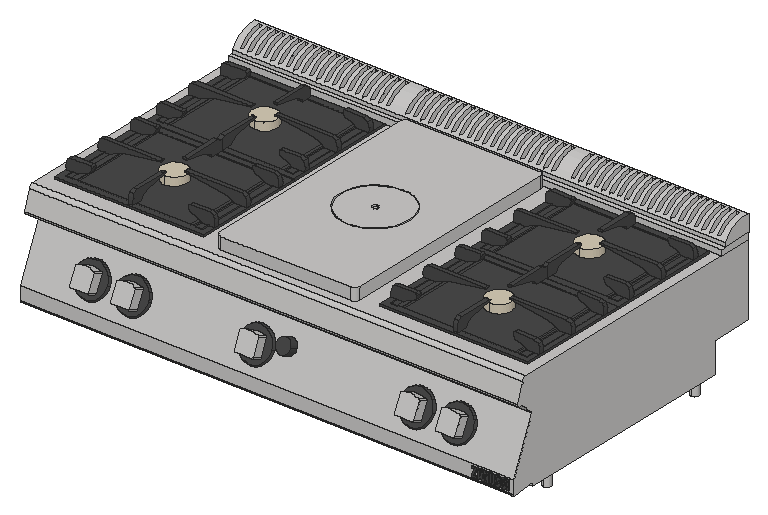
Revit family "QF_ZANUSSI_372012_Z7STGL5000", category Specialty Equipment, Revit 2018 (continued)
Definition of nested family "ZAN_Logo_S"
  Forms (mm)
    Extrusion 2, solid
      sketch origin (17.793, -46.218, 0) x (-1, 0, 0) y (0, -1, 0)
        loop
          line (14.213, -39.971) -> (14.213, -58.22) -> (19.126, -58.22) -> (19.126, -42.077) -> (18.845, -38.146) -> (18.424, -37.164) -> (17.442, -35.9) -> (16.459, -35.199) -> (14.494, -34.356) -> (13.511, -34.216) -> (11.265, -34.216) -> (10.142, -34.497) -> (8.458, -35.479) -> (6.493, -38.287) -> (6.352, -39.269) -> (6.352, -58.22) -> (11.265, -58.22) -> (11.265, -40.392) -> (11.827, -39.129) -> (13.371, -38.988) -> (14.213, -39.971)
        loop
          line (20.249, -58.22) -> (24.741, -58.22) -> (24.741, -42.919) -> (28.812, -58.22) -> (34.006, -58.22) -> (34.006, -34.216) -> (29.654, -34.216) -> (29.654, -50.078) -> (25.583, -34.216) -> (20.249, -34.216) -> (20.249, -58.22)
        loop
          line (50.149, -58.22) -> (62.361, -58.22) -> (62.361, -53.728) -> (55.904, -53.868) -> (62.923, -39.129) -> (62.923, -34.216) -> (50.149, -34.216) -> (50.149, -39.129) -> (57.517, -39.129) -> (50.149, -54.149) -> (50.149, -58.22)
        loop
          line (38.778, -58.22) -> (45.516, -58.22) -> (49.868, -34.216) -> (44.814, -34.216) -> (44.113, -38.848) -> (40.042, -38.848) -> (39.34, -34.216) -> (34.286, -34.216) -> (38.778, -58.22)
        loop
          line (43.551, -43.2) -> (40.744, -43.2) -> (42.147, -54.117) -> (43.551, -43.2)
      from 0 to 1.644
  Dimensions and locks
    aligned and locked: plane 2 to Extrusion 1
    aligned and locked: level to Extrusion 1
Types (2, lengths in mm): name | URL Manufacturer | URL | Model | Manufacturer | Item Number | Gas Size | Gas KW | Gas Input Pressure | Description
  (no name) | "" | "" | "" | "" | "" | 0" | 0 | 0.0 Btu/h | ""
  QF_ZANUSSI_372012_Z7STGL5000.rfa | "http://www.zanussiprofessional.com" | "http://www.zanussiprofessional.com" | "Z7STGL5000" | "Zanussi" | "372012" | 1/2" | 25.6 | 0.890765 Btu/h | "2-BURNER+GAS SOLID TOP+2 BURNER 1200 MM"
